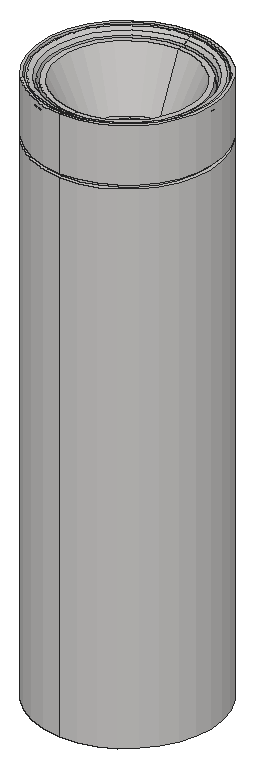
Revit family "Lighting-Luminii-Leto_11_Mini_S", category Lighting Fixtures, host Face, Revit 2023
Family settings
  Host = Face
  Round Connector Dimension = Use Diameter
  Part Type = Normal
  OmniClass Number = 23.80.70.11.14.11
  OmniClass Title = Downlights
  Cut with Voids When Loaded = No
  Light Source = Yes
  Maintain Annotation Orientation = No
  Shared = Yes
  Room Calculation Point = No
Parameters (values of type "Medium")
  Width = 2.51969"  # constant formula
  Wattage Comments = "6.1W"
  Wattage = 7.36842 W
  Warranty URL = "https://www.luminii.com/terms-conditions/"
  built-in parameter 1150110 = 1 (stored number, unit not read)
  Voltage Comments = "120V | 277V | 347V"  # constant formula
  Voltage = 120 V
  Version = "2020 - v1.0a"  # constant formula
  URL = "https://www.luminii.com/"
  built-in parameter 1114217 = 1 (stored number, unit not read)
  Tilt Angle = 90.00°  # constant formula
  built-in parameter 1150109 = 1 (stored number, unit not read)
  built-in parameter 1150134 = (empty or 0)
  built-in parameter 1150113 = 1 (stored number, unit not read)
  Support Phone = "224-699-9545"  # constant formula
  Support Email = "mailto:support@bimsmith.com"
  Product Page URL = "https://www.luminii.com/product/leto-11-mini-s/"
  Power Source Type = "Driver"  # constant formula
  Power Factor = 1
  Photometric Web File = "654-M-A90-660-35-07-00.ies"
  Phase = 1
  Operating Temperature = "Consult Manufacturer Website for more Information"  # constant formula
  Number of Poles = if(and(or(Voltage = 120 V, Voltage = 277 V), Phase = 1), 1, if(and(or(Voltage = 208 V, Voltage = 240 V), Phase = 1), 2, if(and(or(Voltage = 208 V, Voltage = 240 V), Phase = 3), 3, if(and(Voltage > 300 V, Phase = 1), 2, if(and(Voltage > 400 V, Phase = 3), 3, 1)))))  # 1
  Mounting Method = "Surface Mounted"  # constant formula
  Model = if(Constraints = 1, "654-S", if(Constraints = 2, "654-M", if(Constraints = 3, "654-L", "N/A")))  # "654-M"
  Manufacturer Phone Number = "403-216-7043"  # constant formula
  Manufacturer Email = "mailto: info@sensolighting.com"
  Manufacturer Address = "302 50 Ave SE. Calgary, Alberta, T2G 2A9 Canada"  # constant formula
  Manufacturer = "Luminii"  # constant formula
  built-in parameter 1150105 = 55.704 (stored number, unit not read)
  Lumens = 700 lm
  Luminaire Type = "Surface LED Light"  # constant formula
  built-in parameter 1150115 = 1 (stored number, unit not read)
  Load Classification = Lighting
  built-in parameter 1150137 = (empty or 0)
  built-in parameter 1150139 = (empty or 0)
  Lens Material = Plastic - Luminii - Frosted Lens
  Length Comments [instance] = "Perfomance based on 1\" Photometric Web File"  # constant formula
  Length [instance] = if(Constraints = 1, 2.87402", if(Constraints = 2, 8.22835", if(Constraints = 3, 13.62205", 2.87402")))  # 8.22835"
  built-in parameter 1150112 = 1 (stored number, unit not read)
  built-in parameter 1150114 = 1 (stored number, unit not read)
  Lamp Life = 1
  Lamp = "LED"  # constant formula
  Keynote = "26 51 00"
  built-in parameter 1150132 = 2
  built-in parameter 1150102 = (empty or 0)
  built-in parameter 1150107 = 3500 (stored number, unit not read)
  Initial Color Comments = "Perfomance based on 3500K Photometric Web File"  # constant formula
  built-in parameter 1150138 = (empty or 0)
  built-in parameter 1150106 = 0.55704 (stored number, unit not read)
  Housing Protection Rating = "Consult Manufacturer Website for more Information"  # constant formula
  Has Dimming = 1 = 1  # yes
  Has Battery Backup = 0 = 1  # no
  Frequency Comments = ""  # constant formula
  Frequency = 60 Hz
  Finish = Metal - Luminii - Silver Anodized Aluminum
  Environment = "Indoor"  # constant formula
  built-in parameter 1150104 = 8.8258 (stored number, unit not read)
  Dimming Type = "Consult Manufacturer Website for more Information"  # constant formula
  Dimming Lamp Color Temperature Shift = <None>
  Description = "Surface mount cylinder"  # constant formula
  Depth = 2.51969"  # constant formula
  Default Elevation = 0"  # constant formula
  Current Amps = 50 A
  Copyright = "©2023 Luminii"  # constant formula
  Control Zone = "Consult Manufacturer Website for more Information"  # constant formula
  Control Type = "Consult Manufacturer Website for more Information"  # constant formula
  Constraints = 2
  Color Filter = 16777215
  built-in parameter 1114216 [instance] = 0  # (empty or 0)
  built-in parameter 1140040 [instance] = 1 = 1  # 1
  CCT = "3500K"
  built-in parameter 1114218 = 1 (stored number, unit not read)
  built-in parameter 1150133 = 10 (stored number, unit not read)
  Assembly Code = "D5020200"
  Apparent Load = Wattage / Power Factor  # 7.36842 VA
Types (3): name | Photometric Web File | Model | Length | Constraints
  Medium | "654-M-A90-660-35-07-00.ies" | "654-M" | 8.22835" | 2
  Large | "654-L-A90-660-35-07-00.ies" | "654-L" | 13.62205" | 3
  Small | "654-S-A90-660-35-07-00.ies" | "654-S" | 2.87402" | 1
Reference planes (in)
  plane 1 "Center (Front/Back)": y = 0
  plane 2: z = 0
  plane 3 "Center (Left/Right)": x = 0
  plane 4: x = -1.25984
  plane 5: x = 1.25984
  plane 6: y = 1.25984
  plane 7: y = -1.25984
  plane 8: z = 8.22835
Forms (in)
  Extrusion 1, solid, material "Metal - Luminii - Silver Anodized Aluminum" <- "Finish", not visible
    sketch origin (0, 0, 0) x (1, 0, 0) y (0, 1, 0)
      loop
        circle (0, 0) r 0.5
    from 0 to -0.17225
Dimensions and locks (in)
  equal spacing: plane 4, plane 3 "Center (Left/Right)", plane 5
  equal spacing: plane 6, plane 1 "Center (Front/Back)", plane 7
  "Depth": plane 6 to plane 7
  "Width": plane 4 to plane 5
  "Length": plane 8 to plane 2
  aligned and locked: plane 2 to host face
  aligned and locked: plane 3 "Center (Left/Right)" to Extrusion 1 sketch curve
  aligned and locked: plane 1 "Center (Front/Back)" to Extrusion 1 sketch curve
  aligned and locked: plane 2 to Extrusion 1  (x2)
  aligned and locked: plane 3 "Center (Left/Right)" to nested 1
  aligned and locked: plane 1 "Center (Front/Back)" to nested 1
  aligned and locked: imposter light to plane 1 "Center (Front/Back)"
  aligned and locked: imposter light to plane 8
  aligned and locked: plane 3 "Center (Left/Right)" to imposter light
Automatic sketch dimensions
  host sketch curve to host sketch curve = 96"  (x2)
  radius of Extrusion 1 sketch curve = 1/2"
Nested families (in)
  nested 1: "Nested - Lamp" at (0, 0, 0), type "Nested - Lamp"
    with Height 8.2874", Default Elevation 0", Constraints 2
Connectors (in)
  electrical at (0, 0, 0), driven by "Number of Poles", driven by "Load Classification", driven by "Voltage", driven by "Apparent Load", driven by "Power Factor"
    settings: on Extrusion 1, index 1, voltage 120 V, apparent load 7.36842 VA, apparent load phase1 0 VA, apparent load phase2 0 VA, apparent load phase3 0 VA, power factor 1, load classification "Lighting", number of poles 1, system type 30, power factor state 1, is connector primary yes, connector utility no, sub classification motor no, connector description "Power Connection"
Definition of nested family "Nested - Lamp"
  Parameters (values of type "Nested - Lamp")
    Lens Material = none
    Inner Screen = none
    Height = if(Constraints = 1, 2.87402", if(Constraints = 2, 8.2874", if(Constraints = 3, 13.62205", 2.87402")))  # 13.62205"
    Finish = none
    Default Elevation = 48"
    Constraints = 3
  Reference planes (in)
    plane 1 "Center (Front/Back)": y = 0
    plane 2: z = 0
    plane 3 "Center (Left/Right)": x = 0
    plane 4: y = 1.25
    plane 5: y = -1.25
    plane 6: x = -1.25
    plane 7: x = 1.25
    plane 8: z = 13.62205
  Forms (in)
    Extrusion 1, solid
      sketch origin (0, 0, 0) x (1, 0, 0) y (0, 1, 0)
        loop
          line (-48, 48) -> (-48, -48) -> (48, -48) -> (48, 48) -> (-48, 48)
      from 0 to -12
    Revolve 2, solid, material <- "Finish", detail levels medium+fine
      sketch origin (0, 0, 0) x (0, 1, 0) y (0, 0, 1)
        loop
          line (1.25, 13.62205) -> (1.21031, 13.62205) -> (1.21031, 13.51535) -> (1.12463, 13.42967) -> (1.12463, 0.11811) -> (0, 0.11811) -> (0, 0.04341) -> (1.19483, 0.04341) -> (1.19483, 0) -> (1.25, 0) -> (1.25, 12.77559) -> (1.19101, 12.77559) -> (1.19101, 12.83465) -> (1.25, 12.83465) -> (1.25, 13.62205)
        axis (0, 13.62205) -> (0, 0)
      angle from 0 to 360
    Revolve 3, solid, material <- "Inner Screen", detail levels medium+fine
      sketch origin (0, 2.89466, 13.62205) x (0, -1, 0) y (0, 0, -1)
        loop
          arc (1.70127, 0.03321) -> (1.70809, 0.01858) -> (1.72402, 0.01606) r 0.01718
          line (1.72402, 0.01606) -> (1.7973, 0.04129) -> (1.82801, 0.09447) -> (1.83533, 0.24409) -> (1.86648, 0.24409) -> (1.87589, 0.09646) -> (1.95016, 0.09646) -> (2.31636, 0.88976) -> (2.37687, 0.88976) -> (2.42189, 0.96469) -> (2.52571, 0.96469) -> (2.57975, 0.98397) -> (2.89466, 0.98397) -> (2.89466, 1.01963) -> (2.57975, 1.01963) -> (2.52711, 0.99619) -> (2.40414, 0.99619) -> (2.35912, 0.92126) -> (2.29474, 0.92126) -> (1.99361, 0.26889) -> (1.80428, 0.26889) -> (1.8018, 0.22166) -> (1.70613, 0.12598) -> (1.70127, 0.03321)
        axis (2.89466, 0.01606) -> (2.89466, 1.01963)
      angle from 0 to 360
    Extrusion 4, solid, material <- "Lens Material"
      sketch origin (0, 0, 12.63808) x (0, 1, 0) y (-1, 0, 0)
        loop
          circle (0, 0) r 0.31491
      from 0 to 0.02756
    Revolve 5, solid, material <- "Finish", detail levels coarse
      sketch origin (0, 0, 0) x (0, 1, 0) y (0, 0, 1)
        loop
          line (1.25, 13.62205) -> (1.21031, 13.62205) -> (1.21031, 13.51535) -> (1.12463, 13.42967) -> (1.12463, 0.11811) -> (0, 0.11811) -> (0, 0) -> (1.25, 0) -> (1.25, 13.62205)
        axis (0, 13.62205) -> (0, 0)
      angle from 0 to 360
    Revolve 6, solid, material <- "Inner Screen", detail levels coarse
      sketch origin (0, 2.89466, 2.8747) x (0, -1, 0) y (0, 0, -1)
        loop
          line (1.70037, -10.73197) -> (1.80671, -10.73197) -> (1.95016, -10.65157) -> (2.35984, -9.76407) -> (2.89466, -9.76407) -> (2.89466, -9.72841) -> (2.34015, -9.72841) -> (1.99361, -10.47914) -> (1.71362, -10.47914) -> (1.70037, -10.73197)
        axis (2.89466, -10.73197) -> (2.89466, -9.72841)
      angle from 0 to 360
  Lines and regions (in)
    reference lines
      curve 1: line (0, 2.89466, 13.62205) -> (0, -2.68701, 13.62205)
  Dimensions and locks (in)
    plane 8 to Revolve 2 sketch curve to Revolve 2 sketch curve = 0.1067" locked, 0.08568" locked
    "Height": plane 8 to Extrusion 1
    Extrusion 4 to Extrusion 4 to curve 1 = 0.02756" locked, 0.95641" locked
    Revolve 2 sketch curve to Revolve 2 sketch curve to curve 1 = 0.05906" locked, 0.7874" locked
    "Height": curve 1 to plane 2
    Revolve 5 sketch curve to Revolve 5 sketch curve to curve 1 = 0.08568" locked, 0.1067" locked
    Revolve 6 sketch curve to Revolve 6 sketch curve to Revolve 6 sketch curve to Revolve 6 sketch curve to Revolve 6 sketch curve to curve 1 = 0.03566" locked, 0.71507" locked, 0.17244" locked, 0.0804" locked, 0.01538" locked
    aligned and locked: plane 2 to Extrusion 1
    aligned and locked: level to Extrusion 1
    aligned and locked: Revolve 2 sketch curve to plane 8
    aligned and locked: curve 1 to Revolve 5 sketch curve
  Automatic sketch dimensions
    Extrusion 1 sketch curve to Extrusion 1 sketch curve = 96"  (x2)
    Revolve 3 sketch curve to curve 1 = 0.03321"
    curve 1 to Revolve 3 sketch curve = 1.70127"
    Revolve 3 sketch curve to curve 1 = 0.12598"
    Revolve 3 sketch curve to Revolve 3 sketch curve = 0.00486"
    Revolve 3 sketch curve to Revolve 3 sketch curve = 0.01716"
    Revolve 3 sketch curve to curve 1 = 0.01606"
    Revolve 3 sketch curve to Revolve 3 sketch curve = 0.00559"
    Revolve 3 sketch curve to curve 1 = 0.04129"
    Revolve 3 sketch curve to Revolve 3 sketch curve = 0.07328"
    Revolve 3 sketch curve to curve 1 = 0.22166"
    Revolve 3 sketch curve to Revolve 3 sketch curve = 0.09567"
    Revolve 3 sketch curve to Revolve 3 sketch curve = 0.00248"
    Revolve 3 sketch curve to curve 1 = 0.09447"
    Revolve 3 sketch curve to Revolve 3 sketch curve = 0.03071"
    Revolve 3 sketch curve to curve 1 = 0.24409"
    Revolve 3 sketch curve to Revolve 3 sketch curve = 0.03105"
    Revolve 3 sketch curve to Revolve 3 sketch curve = 0.03115"
    Revolve 3 sketch curve to curve 1 = 0.09646"
    Revolve 3 sketch curve to Revolve 3 sketch curve = 0.04789"
    Revolve 3 sketch curve to Revolve 3 sketch curve = 0.07427"
    Revolve 3 sketch curve to curve 1 = 0.26889"
    Revolve 3 sketch curve to Revolve 3 sketch curve = 0.12713"
    Revolve 3 sketch curve to Revolve 3 sketch curve = 0.30113"
    Revolve 3 sketch curve to Revolve 3 sketch curve = 0.02161"
    Revolve 3 sketch curve to curve 1 = 0.92126"
    Revolve 3 sketch curve to Revolve 3 sketch curve = 0.04276"
    Revolve 3 sketch curve to curve 1 = 0.88976"
    Revolve 3 sketch curve to Revolve 3 sketch curve = 0.01775"  (x2)
    Revolve 3 sketch curve to curve 1 = 0.99619"
    Revolve 3 sketch curve to Revolve 3 sketch curve = 0.04502"
    Revolve 3 sketch curve to Revolve 3 sketch curve = 0.10382"
    Revolve 3 sketch curve to Revolve 3 sketch curve = 0.0014"
    Revolve 3 sketch curve to Revolve 3 sketch curve = 0.05264"
    Revolve 3 sketch curve to curve 1 = 0.98397"
    Revolve 3 sketch curve to Revolve 3 sketch curve = 0"
    Revolve 3 sketch curve to Revolve 3 sketch curve = 0.31491"
    Revolve 3 sketch curve to Revolve 3 sketch curve = 0.0315"
    Revolve 3 sketch curve to Revolve 3 sketch curve = 0.03566"
    curve 1 to Revolve 3 sketch curve = 0.19685"
    Revolve 3 sketch curve to Revolve 3 sketch curve = 0.9445"
    Revolve 3 sketch curve to Revolve 3 sketch curve = 0.92235"
    Revolve 5 sketch curve to plane 1 "Center (Front/Back)" = 0"  (x2)
    Revolve 5 sketch curve to plane 4 = 0"
    Revolve 5 sketch curve to plane 4 = 0.12537"
    Revolve 5 sketch curve to plane 4 = 0.03969"
    Revolve 5 sketch curve to Revolve 5 sketch curve = 5.71313"
    Revolve 5 sketch curve to Revolve 5 sketch curve = 7.30315"
    Revolve 6 sketch curve to plane 1 "Center (Front/Back)" = 0"  (x2)
    Revolve 6 sketch curve to plane 4 = 0.34894"
    Revolve 6 sketch curve to Revolve 6 sketch curve = 0.04344"
    Revolve 6 sketch curve to plane 4 = 0.06896"
    Revolve 6 sketch curve to Revolve 6 sketch curve = 0.92235"
    Revolve 6 sketch curve to Revolve 6 sketch curve = 0.01325"
    Revolve 6 sketch curve to Revolve 6 sketch curve = 0.29331"
    Revolve 6 sketch curve to Revolve 6 sketch curve = 0.10634"
    Revolve 6 sketch curve to Revolve 6 sketch curve = 0.55452"
    Revolve 6 sketch curve to Revolve 6 sketch curve = 0.01969"
    Revolve 5 sketch curve to level = 0"
    level to Revolve 5 sketch curve = 0.11811"
    Revolve 2 sketch curve to plane 1 "Center (Front/Back)" = 0"  (x2)
    Revolve 2 sketch curve to level = 0"
    Revolve 2 sketch curve to plane 4 = 0"  (x2)
    Revolve 2 sketch curve to plane 4 = 0.12537"
    Revolve 2 sketch curve to Revolve 2 sketch curve = 0.05899"
    Revolve 2 sketch curve to plane 4 = 0.05517"
    Revolve 2 sketch curve to plane 4 = 0.03969"
    level to Revolve 2 sketch curve = 0.04341"
    Revolve 2 sketch curve to Revolve 2 sketch curve = 0.0747"
    Revolve 2 sketch curve to plane 8 = 0.49213"
    plane 8 to Revolve 2 sketch curve = 1.9685"
    plane 5 to curve 1 = 1.43701"
    plane 4 to curve 1 = 1.64466"
    radius of Extrusion 4 sketch curve to Revolve 3 = 0"
